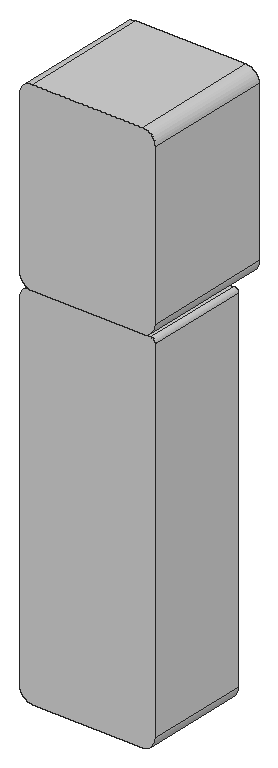
Revit family "Building-IEC309Boards-GEWISS-68QDIN-DISTRIBUTION-BOARD-5MOD-GUARD_3SOCKET-OUTLETS", category Attrezzatura elettrica, host Muro, Revit 2016
Family settings
  Host = Muro
  Configurazione quadro = Due colonne, circuiti in orizzontale
  Tipo di parte = Pannello comandi
  Quota connettore circolare = Usa diametro
  Numero OmniClass = 23.80.30.11.17
  Titolo OmniClass = Distribution Boards and Control Panels
  Sempre verticale = Sì
  Taglio con vuoti quando caricato = No
  Condiviso = No
  Punto di calcolo locali = No
Parameters (values of type "GW68031N - Q-DIN 5M.3 FLANGES S.O.16A CON CASE")
  Voltaggio = "400V"
  Vista di pianta [instance] = yes
  Vetro = GEWISS - vetro
  Version type = "Empty"
  Version file RFA = "18.0"
  URL = "https://www.gewiss.com/ww/en"
  Thermo-pressure with ball = "70 °C"
  Technical sheet = "https://www.gewiss.com/ww/en/search?q=GW68031N"
  Struttura = GEWISS - Grigio RAL - 7035
  Spessore = 96 mm
  Simbolo [instance] = yes
  Shock resistance = "IK08"
  SEO = "Board"
  Realized by GEWISS S.p.A. = ""
  Produttore = "GEWISS S.p.A."
  Presa = GEWISS - Grigio RAL - 7035
  Potenza = 400 V
  Operating temperature: = "-25 +40 °C"
  Offset etichetta nome quadro [instance] = 125 mm
  Numero poli = 3
  No. of provided blank lids = "1 IEC 16A"
  No. of modules EN 50022 = "5"
  Modello = "GW68031N"
  Insulation class = "II"
  Installation type = "Surface-mounting"
  Immagine tipo = GW68031N.jpg
  IP degree = "IP65"
  IFC.TypeObject = ""
  IFC.ExportType = ""
  IFC.ExportAs = ""
  IDT = "c65c050b-1fa2-494d-a6b9-4194fbcc741e"
  IDF = "176667f5-eead-46ec-b497-dfdc58379a65"
  Houseable socket = "3 IEC 309 16A IP44/67"
  Glow Wire Test = "650°C"
  GW – Nome quadro [instance] = "NOME"
  Electrocod = "2242"
  ETICHETTA NOME QUADRO [instance] = yes
  EAN code = "8011564747555"
  Distanza orizzontale del simbolo [instance] = 0 mm
  Distanza dal muro [instance] = 0 mm
  Dispersible power B (W) = "37"
  Dispersible power A (W) = "10"
  Descrizione = "Q-DIN 5M.3 FLANGES S.O.16A CON CASE"
  Cornice simbolo [instance] = no
  Colour = "Grey RAL 7035"
  Classificazione carico = Altro
  Catalogue Range = "68 QDIN"
  Catalogue = "BUILDING"
  Carico apparente = 0 VA
  COBie.Tagnumber = ""
  COBie.CreatedOn = ""
  COBie.CreatebBy = ""
  COBie.ComponentRegisterItemID = ""
  COBie.Component.TagNumber = ""
  COBie.Component.Space = ""
  COBie.Component.SerialNumber = ""
  COBie.Component.InstallationDate = ""
  COBie.Component.Description = ""
  COBie.Component.BarCode = ""
  Altezza da terra = 589.057 mm
  Accordance with Standards = "EN 60208 - EN 60670-1 - IEC 60670-24"
  Accessories supplied = "Complete with yellow shockproof rubber case"
Reference planes
  plane 1 "Muro": y = 0
  plane 2 "Centro (Sinistra/Destra)": x = 125
  plane 3 "Indietro": y = 75
  plane 4: z = 589.057
  plane 5: x = -205.386
  plane 6: y = 200
  plane 7: x = 125
  plane 8: y = 200
Lines and regions (mm)
  Masking region 1, visible <- "Vista di pianta"
    outline origin (-5, 0, 0) x (1, 0, 0) y (0, 1, 0)
      loop
        line (182.5, 171) -> (77.5, 171) -> (77.5, 75) -> (182.5, 75) -> (182.5, 171)
  Masking region 2
    outline origin (125, 0, 0) x (0, 1, 0) y (0, 0, 1)
      loop
        line (155.196, 158.843) -> (155.196, 445.843) -> (75, 445.843) -> (75, 158.843) -> (155.196, 158.843)
  Masking region 3
    outline origin (125, 0, 0) x (0, 1, 0) y (0, 0, 1)
      loop
        line (162.126, 359.335) -> (162.126, 436.336) -> (155.196, 436.336) -> (155.196, 359.335) -> (162.126, 359.335)
      loop
        line (155.196, 341.336) -> (155.196, 267.335) -> (162.126, 267.335) -> (162.126, 341.336) -> (155.196, 341.336)
      loop
        line (162.126, 249.335) -> (155.196, 249.335) -> (155.196, 174.335) -> (162.126, 174.335) -> (162.126, 249.335)
      loop
        line (175, 589.057) -> (75, 589.057) -> (75, 445.843) -> (175, 445.843) -> (175, 589.057)
Text (mm)
  text "Lato posizionamento" at (-1848.837, 1116.779, 0), in view "Livello rif."
  text "Lato posizionamento" at (0, 1409.804, 2854.306), in view "Sinistra"
  text "Lato posizionamento" at (0, 499.811, 2980.732), in view "Destra"
Dimensions and locks
  locked: plane 3 "Indietro" to host wall
  "Altezza da terra": level to plane 4
  "Distanza orizzontale del simbolo": plane 7 to plane 2 "Centro (Sinistra/Destra)"
  "Offset etichetta nome quadro": plane 8 to host wall
  aligned and locked: plane 1 "Muro" to host wall
  aligned and locked: nested 1 to plane 3 "Indietro"
  aligned and locked: plane 4 to nested 1
  aligned and locked: nested 3 to plane 6
  aligned and locked: plane 6 to plane 8
  aligned and locked: plane 7 to nested 2
  aligned and locked: plane 3 "Indietro" to nested 1  (x2)
  aligned and locked: plane 4 to nested 4
  aligned and locked: nested 4 to nested 1
  aligned and locked: plane 2 "Centro (Sinistra/Destra)" to nested 4
Automatic sketch dimensions
  Masking region 1 sketch curve to host wall = 0 mm
  Masking region 1 sketch curve to plane 2 "Centro (Sinistra/Destra)" = 52.5 mm
  plane 2 "Centro (Sinistra/Destra)" to Masking region 1 sketch curve = 52.5 mm
  Masking region 1 sketch curve to Masking region 1 sketch curve = 96 mm
  Masking region 2 sketch curve to host wall = 0 mm
  host wall to Masking region 2 sketch curve = 80.196 mm
  level to Masking region 2 sketch curve = 158.843 mm
  Masking region 2 sketch curve to plane 4 = 143.214 mm
  Masking region 3 sketch curve to host wall = 0 mm
  Masking region 3 sketch curve to plane 4 = 0 mm
  host wall to Masking region 3 sketch curve = 80.196 mm  (x2)
  Masking region 3 sketch curve to Masking region 3 sketch curve = 0 mm
  Masking region 3 sketch curve to Masking region 3 sketch curve = 6.93 mm  (x3)
  Masking region 3 sketch curve to Masking region 3 sketch curve = 12.874 mm
  Masking region 3 sketch curve to plane 4 = 143.214 mm
  Masking region 3 sketch curve to Masking region 3 sketch curve = 9.508 mm
  Masking region 3 sketch curve to Masking region 3 sketch curve = 77.001 mm
  Masking region 3 sketch curve to Masking region 3 sketch curve = 17.999 mm  (x2)
  Masking region 3 sketch curve to Masking region 3 sketch curve = 74.001 mm
  Masking region 3 sketch curve to Masking region 3 sketch curve = 75.001 mm
Nested families
  nested 1: "QDIN5 QUADRO X 3 PRESE IND" at (125, 75, -428.04) x (-1, 0, 0) z (0, 0, 1), type "QDIN5 QUADRO X 3 PRESE IND"
  nested 2: "CENTRALINO" at (125, 96.996, 0), Distanza dal muro <- "Distanza dal muro", BORDO ACCESO <- "Cornice simbolo", SIMBOLO ACCESO <- "Simbolo", type "CENTRALINO"
    with SIMBOLO ACCESO yes, Distanza dal muro 0 mm, BORDO ACCESO no
  nested 3: "NOME QUADRO" at (125, 200, 0), TXT <- "GW – Nome quadro", visible <- "ETICHETTA NOME QUADRO", type "NOME QUADRO"
    with TXT "NOME"
  nested 4: "2D - QDIN15 X3" at (125, 0, 159.057) x (1, 0, 0) z (0, -1, 0), type "BIDIMENSIONALE"
Connectors
  electrical at (125, 115.098, 158.843), driven by "Numero poli", driven by "Classificazione carico", driven by "Potenza", driven by "Carico apparente"
    settings: on nested 1, index 1, voltage 400 V, apparent load 0 VA, apparent load phase1 0 VA, apparent load phase2 0 VA, apparent load phase3 0 VA, power factor 1, load classification "Altro", number of poles 3, system type 31, power factor state 1, is connector primary yes, connector utility no, sub classification motor no, connector description ""
Definition of nested family "QDIN5 QUADRO X 3 PRESE IND"
  Parameters (values of type "QDIN5 QUADRO X 3 PRESE IND")
    Vetro = none
    Struttura = none
    Spessore = 100 mm
    Default Elevation = 14 mm
    Presa = none
    Lunghezza = 105 mm
    IFC.TypeObject = ""
    IFC.ExportType = ""
    IFC.ExportAs = ""
    H_da terra = 586.883 mm
    H1 = 75 mm
    COBie.CreatedOn = ""
    COBie.CreatebBy = ""
    COBie.ComponentRegisterItemID = ""
    COBie.Component.TagNumber = ""
    COBie.Component.Space = ""
    COBie.Component.SerialNumber = ""
    COBie.Component.InstallationDate = ""
    COBie.Component.Description = ""
    COBie.Component.BarCode = ""
    Altezza scatole = 287 mm
    Altezza quadro = 143.214 mm
    Altezza = 258 mm
  Reference planes
    plane 1 "Centro (Fronte/Retro)": y = 0
    plane 2: z = 0
    plane 3 "Centro (Sinistra/Destra)": x = 0
    plane 4 "s": y = -100
    plane 5: z = 586.883
    plane 6: z = 1017.097
    plane 7: x = -52.5
    plane 8: x = 52.5
    plane 9: z = 873.883
    plane 10: y = -80.196
    plane 11: x = 37.506
    plane 12: x = -37.506
    plane 13: x = -50.097
    plane 14: x = 50.089
    plane 15: z = 883.383
    plane 16: z = 978.56
    plane 17: y = -46.089
    plane 18: y = -87.126
    plane 19: z = 677.375
    plane 20: z = 602.374
    plane 21: z = 695.374
    plane 22: z = 862.375
    plane 23: z = 769.375
    plane 24: z = 787.374
  Forms (mm)
    Extrusion 1, solid, material <- "Struttura"
      sketch origin (0, 0, 0) x (1, 0, 0) y (0, 0, 1)
        loop
          arc (-42.5, 1017.097) -> (-49.571, 1014.168) -> (-52.5, 1007.097) r 10
          line (-52.5, 1007.097) -> (-52.5, 883.883)
          arc (-52.5, 883.883) -> (-49.571, 876.812) -> (-42.5, 873.883) r 10
          line (-42.5, 873.883) -> (42.5, 873.883)
          arc (42.5, 873.883) -> (49.571, 876.812) -> (52.5, 883.883) r 10
          line (52.5, 883.883) -> (52.5, 1007.097)
          arc (52.5, 1007.097) -> (49.571, 1014.168) -> (42.5, 1017.097) r 10
          line (42.5, 1017.097) -> (-42.5, 1017.097)
      from 0 to 100
    Extrusion 2, solid, material <- "Struttura"
      sketch origin (0, 0, 0) x (1, 0, 0) y (0, 0, 1)
        loop
          line (44.95, 873.883) -> (-48.88, 873.883)
          arc (-48.88, 873.883) -> (-51.44, 872.823) -> (-52.5, 870.263) r 3.62
          line (-52.5, 870.263) -> (-52.5, 596.883)
          arc (-52.5, 596.883) -> (-49.571, 589.812) -> (-42.5, 586.883) r 10
          line (-42.5, 586.883) -> (42.5, 586.883)
          arc (42.5, 586.883) -> (49.571, 589.812) -> (52.5, 596.883) r 10
          line (52.5, 596.883) -> (52.5, 866.333)
          arc (52.5, 866.333) -> (50.289, 871.672) -> (44.95, 873.883) r 7.55
      from 0 to 80.196
    Extrusion 3, void
      sketch origin (0, 0, 0) x (1, 0, 0) y (0, 0, 1)
        loop
          line (-50.097, 978.56) -> (-50.097, 883.383) -> (50.089, 883.383) -> (50.089, 978.56) -> (-50.097, 978.56)
      from 46.089 to 100
    Extrusion 4, solid, material <- "Vetro", detail levels fine
      sketch origin (0, 0, 0) x (1, 0, 0) y (0, 0, 1)
        loop
          line (-50.097, 978.56) -> (-50.097, 883.383) -> (50.089, 883.383) -> (50.089, 978.56) -> (-50.097, 978.56)
      from 87.126 to 100
    Extrusion 5, solid, material <- "Presa", detail levels fine
      sketch origin (0, 0, -135) x (1, 0, 0) y (0, 0, 1)
        loop
          line (-37.506, 812.375) -> (-37.506, 737.374) -> (37.506, 737.374) -> (37.506, 812.375) -> (-37.506, 812.375)
      from 80.196 to 87.126
    Extrusion 6, solid, material <- "Presa", detail levels fine
      sketch origin (0, 0, -40) x (1, 0, 0) y (0, 0, 1)
        loop
          line (-37.506, 809.375) -> (-37.506, 735.374) -> (37.506, 735.374) -> (37.506, 809.375) -> (-37.506, 809.375)
      from 80.196 to 87.126
    Extrusion 7, solid, material <- "Presa", detail levels fine
      sketch origin (0, 0, 52) x (1, 0, 0) y (0, 0, 1)
        loop
          line (-37.506, 812.375) -> (-37.506, 735.374) -> (37.506, 735.374) -> (37.506, 812.375) -> (-37.506, 812.375)
      from 80.196 to 87.126
  Cuts and joins
    Extrusion 3 cuts Extrusion 1
  Dimensions and locks
    "Spessore": plane 4 "s" to plane 1 "Centro (Fronte/Retro)"
    "H_da terra": plane 5 to level
    equal spacing: plane 7, plane 3 "Centro (Sinistra/Destra)", plane 8
    "Lunghezza": plane 7 to plane 8
    "Altezza quadro": plane 6 to plane 9
    "Altezza scatole": plane 9 to plane 5
    plane 4 "s" to plane 1 "Centro (Fronte/Retro)" = 100 mm
    locked: plane 4 "s" to plane 10 at 19.804
    locked: plane 11 to plane 8 at 14.994
    locked: plane 12 to plane 7 at 14.994
    locked: plane 6 to plane 16 at 38.537
    locked: plane 15 to plane 9 at 9.5
    locked: plane 7 to plane 13 at 2.403
    locked: plane 14 to plane 8 at 2.411
    locked: plane 4 "s" to plane 17 at 53.911
    locked: plane 4 "s" to plane 18 at 12.874
    locked: plane 9 to plane 22 at 11.508
    aligned and locked: level to plane 2
    aligned and locked: Extrusion 1 sketch curve to plane 6
    aligned and locked: Extrusion 1 sketch curve to plane 8
    aligned and locked: Extrusion 1 sketch curve to plane 7
    aligned and locked: plane 9 to Extrusion 1 sketch curve
    aligned and locked: Extrusion 1 to plane 4 "s"
    aligned and locked: Extrusion 2 sketch curve to plane 9
    aligned and locked: Extrusion 2 sketch curve to plane 8
    aligned and locked: Extrusion 2 sketch curve to plane 7
    aligned and locked: Extrusion 2 sketch curve to plane 5
    aligned and locked: Extrusion 2 to plane 10
    aligned and locked: Extrusion 3 sketch curve to plane 16
    aligned and locked: plane 14 to Extrusion 3 sketch curve
    aligned and locked: plane 13 to Extrusion 3 sketch curve
    aligned and locked: Extrusion 3 sketch curve to plane 15
    aligned and locked: plane 17 to cut or joined group of Extrusion 1, Extrusion 3
    aligned and locked: Extrusion 3 to plane 4 "s"
    aligned and locked: Extrusion 4 sketch curve to plane 16
    aligned and locked: plane 14 to Extrusion 4 sketch curve
    aligned and locked: Extrusion 4 sketch curve to plane 15
    aligned and locked: plane 13 to Extrusion 4 sketch curve
    aligned and locked: Extrusion 4 to plane 4 "s"
    aligned and locked: plane 18 to Extrusion 4
    aligned and locked: Extrusion 5 to plane 19
    aligned and locked: plane 20 to Extrusion 5
    aligned and locked: plane 11 to Extrusion 5  (x2)
    aligned and locked: Extrusion 5 to plane 12  (x2)
    aligned and locked: plane 21 to Extrusion 6  (x2)
    aligned and locked: plane 24 to Extrusion 7
    aligned and locked: Extrusion 6 to plane 23
    aligned and locked: plane 11 to Extrusion 6
    aligned and locked: plane 11 to Extrusion 7
    aligned and locked: Extrusion 6 to plane 12
    aligned and locked: Extrusion 7 to plane 12
  Automatic sketch dimensions
    Extrusion 1 sketch curve to plane 15 = 0.5 mm
    Extrusion 1 sketch curve to plane 12 = 4.994 mm
    plane 11 to Extrusion 1 sketch curve = 4.994 mm  (x2)
    Extrusion 2 sketch curve to plane 13 = 1.217 mm
    Extrusion 2 sketch curve to plane 12 = 4.994 mm
    plane 11 to Extrusion 2 sketch curve = 4.994 mm
    Extrusion 2 sketch curve to plane 22 = 3.957 mm
    Extrusion 5 sketch curve to plane 12 = 0 mm
    Extrusion 5 sketch curve to plane 11 = 0 mm
    Extrusion 5 sketch curve to plane 20 = 0 mm
    Extrusion 5 sketch curve to plane 19 = 0 mm
    Extrusion 6 sketch curve to plane 12 = 0 mm
    Extrusion 6 sketch curve to plane 11 = 0 mm
    Extrusion 6 sketch curve to plane 21 = 0 mm
    Extrusion 6 sketch curve to plane 23 = 0 mm
    Extrusion 7 sketch curve to plane 12 = 0 mm
    Extrusion 7 sketch curve to plane 11 = 0 mm
    Extrusion 7 sketch curve to plane 24 = 0 mm
    Extrusion 7 sketch curve to plane 22 = 2 mm
Definition of nested family "CENTRALINO"
  Parameters (values of type "CENTRALINO")
    SIMBOLO ACCESO [instance] = yes
    Distanza dal muro [instance] = 0 mm
    BORDO ACCESO [instance] = yes
  Reference planes
    plane 1: y = 0
    plane 2: x = 0
  Dimensions and locks
    "Distanza dal muro": plane 1 to nested 1
    aligned and locked: plane 2 to nested 1
  Nested families
    nested 1: "CENTRALINO_BASE" at (0, 0, 0), BORDO ACCESO <- "BORDO ACCESO", visible <- "SIMBOLO ACCESO", type "CENTRALINO"
      with BORDO ACCESO yes
  Definition of nested family "CENTRALINO_BASE"
    Parameters (values of type "CENTRALINO")
      Distanza dal muro = 0 mm
      BORDO ACCESO [instance] = yes
    Reference planes
      plane 1: y = 0
      plane 2: x = 0
    Lines and regions (mm)
      detail lines, visible <- "BORDO ACCESO", not visible
        curve 1: line (-2.443, 10.208, 0) -> (2.057, 10.208, 0)
        curve 2: line (2.057, 10.208, 0) -> (2.057, 4.208, 0)
        curve 3: line (2.057, 4.208, 0) -> (-2.443, 4.208, 0)
        curve 4: line (-2.443, 4.208, 0) -> (-2.443, 10.208, 0)
        curve 5: line (-2.043, 9.808, 0) -> (1.657, 9.808, 0)
        curve 6: line (1.657, 9.808, 0) -> (1.657, 4.608, 0)
        curve 7: line (1.657, 4.608, 0) -> (-2.043, 4.608, 0)
        curve 8: line (-2.043, 4.608, 0) -> (-2.043, 9.808, 0)
      detail lines
        curve 9: line (0, 0.905, 0) -> (0, 0.235, 0)
        curve 10: line (0.659, 0.905, 0) -> (0.659, 1.564, 0)
        curve 11: line (0.659, 1.564, 0) -> (-0.659, 1.564, 0)
        curve 12: line (-0.659, 1.564, 0) -> (-0.659, 0.905, 0)
        curve 13: line (-0.659, 0.905, 0) -> (0.659, 0.905, 0)
        curve 14: line (0.497, 1.564, 0) -> (0.497, 2.235, 0)
        curve 15: line (0.167, 1.564, 0) -> (0.167, 2.235, 0)
        curve 16: line (-0.162, 1.564, 0) -> (-0.162, 2.235, 0)
        curve 17: line (-0.491, 1.564, 0) -> (-0.491, 2.235, 0)
Definition of nested family "NOME QUADRO"
  Parameters (values of type "NOME QUADRO")
    TXT [instance] = ""
  Reference planes
    plane 1: y = 0
    plane 2: x = 0
  Text (mm)
    label "NOME QUADRO" at (0.217, 0.029, 0), shows "TXT"
Definition of nested family "2D - QDIN15 X3"
  Reference planes
    plane 1 "Centro (Fronte/Retro)": y = 0
    plane 2: z = 0
    plane 3 "Centro (Sinistra/Destra)": x = 0
  Lines and regions (mm)
    model lines, in view "Livello rif."
      curve 1: arc (-50.119, 290.737, 0) -> (-49.817, 290.014, 0) -> (-49.092, 289.715, 0) r 1.027
      curve 2: arc (49.043, 289.715, 0) -> (49.75, 290.008, 0) -> (50.043, 290.715, 0) r 1
      curve 3: arc (42.5, 0, 0) -> (49.571, 2.929, 0) -> (52.5, 10, 0) r 10
      curve 4: arc (52.5, 420, 0) -> (49.571, 427.071, 0) -> (42.5, 430, 0) r 10
      curve 5: arc (-42.5, 430, 0) -> (-49.571, 427.071, 0) -> (-52.5, 420, 0) r 10
      curve 6: arc (-52.5, 10, 0) -> (-49.571, 2.929, 0) -> (-42.5, 0, 0) r 10
      curve 7: arc (52.5, 420, 0) -> (49.571, 427.071, 0) -> (42.5, 430, 0) r 10
      curve 8: arc (-42.5, 430, 0) -> (-49.571, 427.071, 0) -> (-52.5, 420, 0) r 10
      curve 9: arc (-26.88, 307.036, 0) -> (-27.34, 306.408, 0) -> (-27.499, 305.647, 0) r 1.835
      curve 10: arc (-15, 311.486, 0) -> (-21.344, 310.338, 0) -> (-26.88, 307.036, 0) r 18.067
      curve 11: arc (26.88, 307.036, 0) -> (21.344, 310.338, 0) -> (15, 311.486, 0) r 18.067
      curve 12: arc (27.499, 305.647, 0) -> (27.34, 306.408, 0) -> (26.88, 307.036, 0) r 1.835
      curve 13: arc (27.5, 302, 0) -> (27.646, 301.646, 0) -> (28, 301.5, 0) r 0.5
      curve 14: arc (-28, 301.5, 0) -> (-27.646, 301.646, 0) -> (-27.5, 302, 0) r 0.5
      curve 15: arc (15.085, 293.121, 0) -> (17.116, 293.221, 0) -> (19.13, 293.501, 0) r 22.859
      curve 16: arc (-19.13, 293.501, 0) -> (-17.117, 293.221, 0) -> (-15.086, 293.121, 0) r 22.858
      curve 17: line (50.06, 396.677, 0) -> (50.06, 290.715, 0)
      curve 18: line (50.06, 290.715, 0) -> (50.06, 307.247, 0)
      curve 19: line (49.043, 289.715, 0) -> (22.35, 289.715, 0)
      curve 20: line (22.35, 289.715, 0) -> (-49.092, 289.715, 0)
      curve 21: line (-49.092, 289.715, 0) -> (-22.35, 289.715, 0)
      curve 22: line (50.06, 301.5, 0) -> (-50.119, 301.5, 0)
      curve 23: line (50.06, 300.191, 0) -> (-50.119, 300.191, 0)
      curve 24: line (-50.119, 290.737, 0) -> (-50.119, 396.677, 0)
      curve 25: line (-50.119, 396.677, 0) -> (50.06, 396.677, 0)
      curve 26: line (52.5, 420, 0) -> (52.5, 10, 0)
      curve 27: line (-42.5, 430, 0) -> (42.5, 430, 0)
      curve 28: line (42.5, 430, 0) -> (-42.5, 430, 0)
      curve 29: line (-52.5, 420, 0) -> (-52.5, 10, 0)
      curve 30: line (-52.5, 10, 0) -> (-52.5, 420, 0)
      curve 31: line (-42.5, 0, 0) -> (42.5, 0, 0)
      curve 32: line (-15, 311.486, 0) -> (15, 311.486, 0)
      curve 33: line (-27.5, 302, 0) -> (-27.5, 305.647, 0)
      curve 34: line (27.5, 302, 0) -> (27.5, 305.647, 0)
      curve 35: line (-15.086, 293.121, 0) -> (15.085, 293.121, 0)
      curve 36: line (-45, 370.526, 0) -> (-45, 325.474, 0)
      curve 37: line (-45, 325.474, 0) -> (45, 325.474, 0)
      curve 38: line (45, 325.474, 0) -> (45, 370.526, 0)
      curve 39: line (45, 370.526, 0) -> (-45, 370.526, 0)
      curve 40: line (19.13, 293.501, 0) -> (20.301, 293.813, 0)
      curve 41: line (20.301, 293.813, 0) -> (21.454, 294.202, 0)
      curve 42: line (21.454, 294.202, 0) -> (22.579, 294.666, 0)
      curve 43: line (22.579, 294.666, 0) -> (23.13, 294.926, 0)
      curve 44: line (23.13, 294.926, 0) -> (23.673, 295.204, 0)
      curve 45: line (23.673, 295.204, 0) -> (24.206, 295.499, 0)
      curve 46: line (24.206, 295.499, 0) -> (24.729, 295.813, 0)
      curve 47: line (24.729, 295.813, 0) -> (25.239, 296.141, 0)
      curve 48: line (25.239, 296.141, 0) -> (25.735, 296.485, 0)
      curve 49: line (25.735, 296.485, 0) -> (26.217, 296.842, 0)
      curve 50: line (26.217, 296.842, 0) -> (26.683, 297.213, 0)
      curve 51: line (26.683, 297.213, 0) -> (27.126, 297.592, 0)
      curve 52: line (27.126, 297.592, 0) -> (27.55, 297.981, 0)
      curve 53: line (27.55, 297.981, 0) -> (27.932, 298.359, 0)
      curve 54: line (27.932, 298.359, 0) -> (28.279, 298.731, 0)
      curve 55: line (28.279, 298.731, 0) -> (28.545, 299.046, 0)
      curve 56: line (28.545, 299.046, 0) -> (28.744, 299.309, 0)
      curve 57: line (28.744, 299.309, 0) -> (28.946, 299.645, 0)
      curve 58: line (28.946, 299.645, 0) -> (29.005, 299.813, 0)
      curve 59: line (-19.13, 293.501, 0) -> (-20.301, 293.813, 0)
      curve 60: line (-20.301, 293.813, 0) -> (-21.454, 294.202, 0)
      curve 61: line (-21.454, 294.202, 0) -> (-22.58, 294.666, 0)
      curve 62: line (-22.58, 294.666, 0) -> (-23.13, 294.926, 0)
      curve 63: line (-23.13, 294.926, 0) -> (-23.673, 295.204, 0)
      curve 64: line (-23.673, 295.204, 0) -> (-24.206, 295.499, 0)
      curve 65: line (-24.206, 295.499, 0) -> (-24.729, 295.812, 0)
      curve 66: line (-24.729, 295.812, 0) -> (-25.238, 296.141, 0)
      curve 67: line (-25.238, 296.141, 0) -> (-25.735, 296.485, 0)
      curve 68: line (-25.735, 296.485, 0) -> (-26.216, 296.842, 0)
      curve 69: line (-26.216, 296.842, 0) -> (-26.682, 297.213, 0)
      curve 70: line (-26.682, 297.213, 0) -> (-27.126, 297.592, 0)
      curve 71: line (-27.126, 297.592, 0) -> (-27.55, 297.981, 0)
      curve 72: line (-27.55, 297.981, 0) -> (-27.932, 298.359, 0)
      curve 73: line (-27.932, 298.359, 0) -> (-28.278, 298.731, 0)
      curve 74: line (-28.278, 298.731, 0) -> (-28.545, 299.046, 0)
      curve 75: line (-28.545, 299.046, 0) -> (-28.744, 299.309, 0)
      curve 76: line (-28.744, 299.309, 0) -> (-28.946, 299.646, 0)
      curve 77: line (-28.946, 299.646, 0) -> (-29.005, 299.813, 0)
      curve 78: arc (35.864, 200.491, 0) -> (40.9, 202.577, 0) -> (42.986, 207.613, 0) r 7.122
      curve 79: arc (42.986, 268.816, 0) -> (40.754, 273.562, 0) -> (35.878, 275.492, 0) r 7.122
      curve 80: arc (-41.863, 207.167, 0) -> (-39.63, 202.422, 0) -> (-34.755, 200.491, 0) r 7.122
      curve 81: circle (35.878, 268.37, 0) r 2.588 normal (0, 0, 1)
      curve 82: circle (35.864, 207.613, 0) r 2.588 normal (0, 0, 1)
      curve 83: circle (-34.741, 268.37, 0) r 2.588 normal (0, 0, 1)
      curve 84: arc (-34.741, 275.492, 0) -> (-39.777, 273.406, 0) -> (-41.863, 268.37, 0) r 7.122
      curve 85: circle (-34.755, 207.613, 0) r 2.588 normal (0, 0, 1)
      curve 86: line (42.986, 207.613, 0) -> (42.986, 238.74, 0)
      curve 87: line (42.986, 238.74, 0) -> (42.986, 268.816, 0)
      curve 88: line (-34.741, 275.492, 0) -> (35.878, 275.492, 0)
      curve 89: line (-41.863, 268.37, 0) -> (-41.863, 238.74, 0)
      curve 90: line (-41.863, 238.74, 0) -> (-41.863, 207.167, 0)
      curve 91: line (-34.755, 200.491, 0) -> (35.864, 200.491, 0)
      curve 92: arc (35.864, 107.491, 0) -> (40.9, 109.577, 0) -> (42.986, 114.613, 0) r 7.122
      curve 93: arc (42.986, 175.816, 0) -> (40.754, 180.562, 0) -> (35.878, 182.492, 0) r 7.122
      curve 94: arc (-41.863, 114.167, 0) -> (-39.63, 109.422, 0) -> (-34.755, 107.491, 0) r 7.122
      curve 95: circle (35.878, 175.37, 0) r 2.588 normal (0, 0, 1)
      curve 96: circle (35.864, 114.613, 0) r 2.588 normal (0, 0, 1)
      curve 97: circle (-34.741, 175.37, 0) r 2.588 normal (0, 0, 1)
      curve 98: arc (-34.741, 182.492, 0) -> (-39.777, 180.406, 0) -> (-41.863, 175.37, 0) r 7.122
      curve 99: circle (-34.755, 114.613, 0) r 2.588 normal (0, 0, 1)
      curve 100: line (42.986, 114.613, 0) -> (42.986, 145.74, 0)
      curve 101: line (42.986, 145.74, 0) -> (42.986, 175.816, 0)
      curve 102: line (-34.741, 182.492, 0) -> (35.878, 182.492, 0)
      curve 103: line (-41.863, 175.37, 0) -> (-41.863, 145.74, 0)
      curve 104: line (-41.863, 145.74, 0) -> (-41.863, 114.167, 0)
      curve 105: line (-34.755, 107.491, 0) -> (35.864, 107.491, 0)
      curve 106: arc (35.864, 14.491, 0) -> (40.9, 16.577, 0) -> (42.986, 21.613, 0) r 7.122
      curve 107: arc (42.986, 82.816, 0) -> (40.754, 87.562, 0) -> (35.878, 89.492, 0) r 7.122
      curve 108: arc (-41.863, 21.167, 0) -> (-39.63, 16.422, 0) -> (-34.755, 14.491, 0) r 7.122
      curve 109: circle (35.878, 82.37, 0) r 2.588 normal (0, 0, 1)
      curve 110: circle (35.864, 21.613, 0) r 2.588 normal (0, 0, 1)
      curve 111: circle (-34.741, 82.37, 0) r 2.588 normal (0, 0, 1)
      curve 112: arc (-34.741, 89.492, 0) -> (-39.777, 87.406, 0) -> (-41.863, 82.37, 0) r 7.122
      curve 113: circle (-34.755, 21.613, 0) r 2.588 normal (0, 0, 1)
      curve 114: line (42.986, 21.613, 0) -> (42.986, 52.74, 0)
      curve 115: line (42.986, 52.74, 0) -> (42.986, 82.816, 0)
      curve 116: line (-34.741, 89.492, 0) -> (35.878, 89.492, 0)
      curve 117: line (-41.863, 82.37, 0) -> (-41.863, 52.74, 0)
      curve 118: line (-41.863, 52.74, 0) -> (-41.863, 21.167, 0)
      curve 119: line (-34.755, 14.491, 0) -> (35.864, 14.491, 0)
